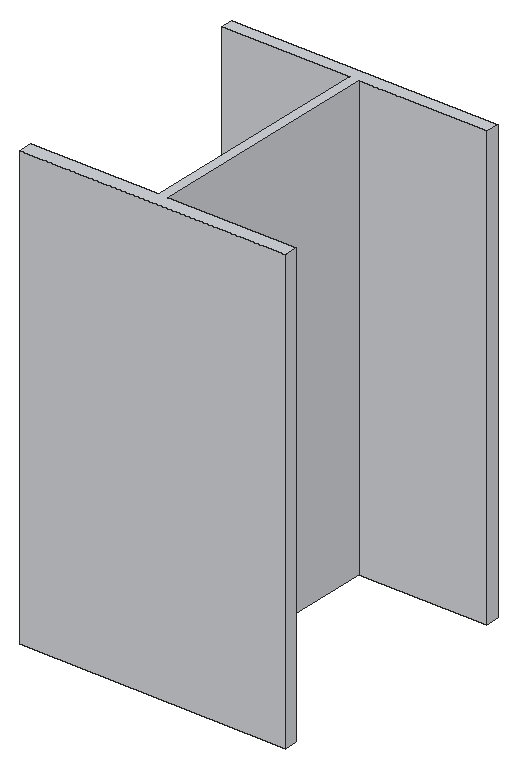
Revit family "型鋼樁", category 一般模型, Revit 2019
Family settings
  可以作為鋼筋主體 = 否
  圓形接點標註 = 使用直徑
  組件類型 = 正常
  以工作平面為基礎 = 否
  總是垂直 = 是
  載入時使用空心切割 = 否
  共用 = 否
  房間計算點 = 否
Parameters
  高度 = 500 mm
  t2 = 15 mm
  t1 = 10 mm
  H = 300 mm
  B = 300 mm
Reference planes
  plane 1 "中心 (前/後)": y = 0
  plane 2: z = 0
  plane 3 "中心 (左/右)": x = 0
Forms (mm)
  Extrusion 1, solid
    sketch origin (0, 0, 0) x (1, 0, 0) y (0, 1, 0)
      loop
        line (-150, 150) -> (-150, 135) -> (-5, 135) -> (-5, -135) -> (-150, -135) -> (-150, -150) -> (150, -150) -> (150, -135) -> (5, -135) -> (5, 135) -> (150, 135) -> (150, 150) -> (-150, 150)
    from 0 to -500
Dimensions and locks
  equal spacing: Extrusion 1, plane 3 "中心 (左/右)", Extrusion 1  (x3)
  "B": Extrusion 1 to Extrusion 1  (x2)
  "H": Extrusion 1 to Extrusion 1
  "t2": Extrusion 1 to Extrusion 1  (x4)
  equal spacing: Extrusion 1, plane 1 "中心 (前/後)", Extrusion 1
  "t1": Extrusion 1 to Extrusion 1
  "高度": level to Extrusion 1
  aligned and locked: level to plane 2
Automatic sketch dimensions
  Extrusion 1 sketch curve to plane 3 "中心 (左/右)" = 150 mm  (x2)
  Extrusion 1 sketch curve to plane 3 "中心 (左/右)" = 5 mm
  plane 3 "中心 (左/右)" to Extrusion 1 sketch curve = 5 mm
  Extrusion 1 sketch curve to Extrusion 1 sketch curve = 145 mm  (x2)
  plane 1 "中心 (前/後)" to Extrusion 1 sketch curve = 150 mm
  plane 1 "中心 (前/後)" to Extrusion 1 sketch curve = 135 mm  (x2)
  Extrusion 1 sketch curve to plane 1 "中心 (前/後)" = 135 mm
  Extrusion 1 sketch curve to Extrusion 1 sketch curve = 0 mm
  Extrusion 1 sketch curve to Extrusion 1 sketch curve = 15 mm
